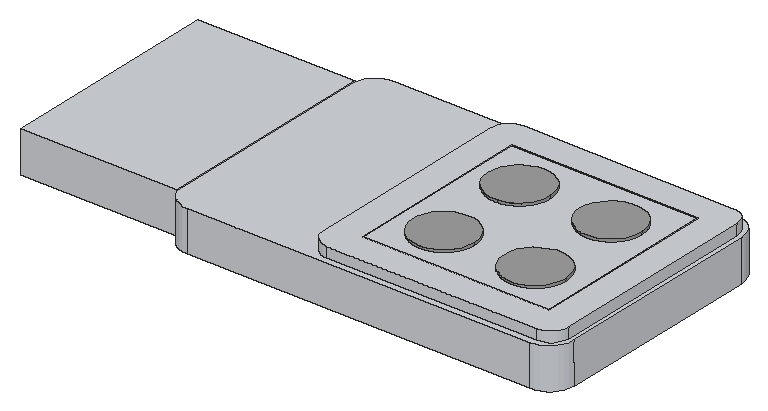
Revit family "Lighting-Industrial-GEWISS-SMART[4]HE_HIGHBAYS-LED_EMERGENCY_1M", category Apparecchi per illuminazione, Revit 2019 (continued)
Definition of nested family "Rappr_ bidimensionale_SMART4_4L EM_2"
  Lines and regions (mm)
    detail lines, in view "Livello rif.", not visible, detail levels fine
      curve 361: line (150.671, 26.571, 0) -> (161.243, 26.571, 0)
      curve 362: line (161.243, 1.611, 0) -> (150.671, 1.611, 0)
      curve 363: line (149.479, 2.803, 0) -> (149.479, 10.88, 0)
      curve 364: line (150.671, 12.071, 0) -> (161.243, 12.071, 0)
      curve 365: line (149.479, -11.697, 0) -> (149.479, -3.62, 0)
      curve 366: line (150.671, -2.429, 0) -> (161.243, -2.429, 0)
      curve 367: line (161.243, -12.889, 0) -> (150.671, -12.889, 0)
      curve 368: line (149.479, -26.197, 0) -> (149.479, -18.12, 0)
      curve 369: line (150.671, -16.929, 0) -> (161.247, -16.929, 0)
      curve 370: line (161.247, -27.389, 0) -> (150.671, -27.389, 0)
      curve 371: line (149.479, -40.697, 0) -> (149.479, -32.62, 0)
      curve 372: line (150.671, -31.429, 0) -> (161.247, -31.429, 0)
      curve 373: line (161.247, -41.889, 0) -> (150.671, -41.889, 0)
      curve 374: line (149.479, -55.197, 0) -> (149.479, -47.12, 0)
      curve 375: line (150.671, -45.929, 0) -> (161.247, -45.929, 0)
      curve 376: line (161.247, -56.389, 0) -> (150.671, -56.389, 0)
      curve 377: line (149.479, -69.697, 0) -> (149.479, -61.62, 0)
      curve 378: line (150.671, -60.429, 0) -> (161.247, -60.429, 0)
      curve 379: line (161.247, -70.889, 0) -> (150.671, -70.889, 0)
      curve 380: line (149.479, -84.197, 0) -> (149.479, -76.12, 0)
      curve 381: line (150.671, -74.929, 0) -> (161.247, -74.929, 0)
      curve 382: line (161.247, -85.389, 0) -> (150.671, -85.389, 0)
    detail lines, in view "Livello rif.", visible <- "5 LED"
      curve 383: circle (55.802, 1.404, 0) r 28.619 normal (0, 0, 1)
    detail lines, in view "Livello rif.", visible <- "4 LED"
      curve 384: circle (8.459, 48.062, 0) r 28.619 normal (0, 0, 1)
      curve 385: circle (102.459, -45.938, 0) r 28.619 normal (0, 0, 1)
      curve 386: circle (8.459, -45.938, 0) r 28.619 normal (0, 0, 1)
      curve 387: circle (102.459, 48.062, 0) r 28.619 normal (0, 0, 1)
    detail lines, in view "Livello rif."
      curve 388: line (-201.331, -106.996, 0) -> (-394.312, -106.996, 0)
      curve 389: line (-201.331, 106.996, 0) -> (-201.331, -106.996, 0)
      curve 390: line (-394.312, 106.996, 0) -> (-201.331, 106.996, 0)
      curve 391: line (-394.312, -106.996, 0) -> (-394.312, 106.996, 0)
Definition of nested family "ETICHETTA LIGHT"
  Parameters (values of type "ETICHETTA LIGHT")
    COMMENTI = "53W"
  Reference planes
    plane 1: y = 0
    plane 2: x = 0
  Text (mm)
    label "COMMENTI" at (-0.057, 0.105, 0), shows "COMMENTI"
Definition of nested family "PROIETTSMART "
  Reference planes
    plane 1 "Centro (Fronte/Retro)": y = 0
    plane 2: z = 0
    plane 3 "Centro (Sinistra/Destra)": x = 0
  Lines and regions (mm)
    model lines, in view "Livello rif."
      curve 1: line (120.593, -21.515, 0) -> (77.393, -0.008, 0)
      curve 2: line (77.393, -0.008, 0) -> (120.593, 21.758, 0)
      curve 3: line (120.593, 21.758, 0) -> (120.593, -21.515, 0)
      curve 4: line (77.393, 21.629, 0) -> (77.393, -21.645, 0)
      curve 5: line (77.393, -0.008, 0) -> (52.133, -0.008, 0)
      curve 6: line (120.593, 0.122, 0) -> (139.246, 0.122, 0)
      curve 7: line (162.162, 66.747, 0) -> (162.162, -66.747, 0)
      curve 8: line (162.162, -66.747, 0) -> (-97.838, -66.747, 0)
      curve 9: line (-97.838, -66.747, 0) -> (-97.838, 66.747, 0)
      curve 10: line (-97.838, 66.747, 0) -> (162.162, 66.747, 0)
      curve 11: line (45.772, 49.667, 0) -> (145.121, 49.667, 0)
      curve 12: line (145.121, 49.667, 0) -> (145.121, -49.683, 0)
      curve 13: line (145.121, -49.683, 0) -> (45.772, -49.683, 0)
      curve 14: line (45.772, -49.683, 0) -> (45.772, 49.667, 0)
Types (18, lengths in mm): name | Unified Glare Rating | Technical sheet | Optic : | Optic | Modello | Lumen output (lm) : | IDT | Efficiency (lm/W) | Descrizione | Colour temperature
  GWS4124AF830 - SMART4LB 1M EMERG 30° 30K | "UGR - 22" | "https://www.gewiss.com/ww/en/search?q=GWS4124AF830" | "Metallic PC reflector and PMMA lenses" | "30°" | "GWS4124AF830" | "6600 (810 Emerg.)" | "be493966ca7f4462a90a0dec3d538a8d" | "125" | "SMART[4]LB 1M EMERG 30° 30K" | "3000K"
  GWS4124AF840 - SMART4LB 1M EMERG 30° 40K | "UGR - 22" | "https://www.gewiss.com/ww/en/search?q=GWS4124AF840" | "Metallic PC reflector and PMMA lenses" | "30°" | "GWS4124AF840" | "7000 (850 Emerg.)" | "5f1ff95e72114f50881495fc0694481d" | "132" | "SMART[4]LB 1M EMERG 30° 40K" | "4000K"
  GWS4124AF857 - SMART4LB 1M EMERG 30° 57K | "UGR - 22" | "https://www.gewiss.com/ww/en/search?q=GWS4124AF857" | "Metallic PC reflector and PMMA lenses" | "30°" | "GWS4124AF857" | "7000 (850 Emerg.)" | "0e8181d1a68a4ca794b6a0e858ae3857" | "132" | "SMART[4]LB 1M EMERG 30° 57K" | "5700K"
  GWS4124AH830 - SMART4LB 1M EMERG 60° 30K | "UGR - 22" | "https://www.gewiss.com/ww/en/search?q=GWS4124AH830" | "Metallic PC reflector and PMMA lenses" | "60°" | "GWS4124AH830" | "6700 (810 Emerg.)" | "54ebdcb74ae440318ac48feecd36d76a" | "126" | "SMART[4]LB 1M EMERG 60° 30K" | "3000K"
  GWS4124AH840 - SMART4LB 1M EMERG 60° 40K | "UGR - 22" | "https://www.gewiss.com/ww/en/search?q=GWS4124AH840" | "Metallic PC reflector and PMMA lenses" | "60°" | "GWS4124AH840" | "7000 (850 Emerg.)" | "614c65e5e2b44fb083715acc21c5c34f" | "132" | "SMART[4]LB 1M EMERG 60° 40K" | "4000K"
  GWS4124AH857 - SMART4LB 1M EMERG 60° 57K | "UGR - 22" | "https://www.gewiss.com/ww/en/search?q=GWS4124AH857" | "Metallic PC reflector and PMMA lenses" | "60°" | "GWS4124AH857" | "7000 (850 Emerg.)" | "28ee9035e2fe4d268d0277638ca70a0c" | "132" | "SMART[4]LB 1M EMERG 60° 57K" | "5700K"
  GWS4124AP830 - SMART4LB 1M EMERG 90° 30K | "UGR - 25" | "https://www.gewiss.com/ww/en/search?q=GWS4124AP830" | "Metallic PC reflector and PMMA lenses" | "90°" | "GWS4124AP830" | "6800 (810 Emerg.)" | "da7b066e252b432daf66f2ff73ed9078" | "128" | "SMART[4]LB 1M EMERG 90° 30K" | "3000K"
  GWS4124AP840 - SMART4LB 1M EMERG 90° 40K | "UGR - 25" | "https://www.gewiss.com/ww/en/search?q=GWS4124AP840" | "Metallic PC reflector and PMMA lenses" | "90°" | "GWS4124AP840" | "7200 (850 Emerg.)" | "8acb5237e4dc4b0ea63c41f460c1553e" | "136" | "SMART[4]LB 1M EMERG 90° 40K" | "4000K"
  GWS4124AP857 - SMART4LB 1M EMERG 90° 57K | "UGR - 25" | "https://www.gewiss.com/ww/en/search?q=GWS4124AP857" | "Metallic PC reflector and PMMA lenses" | "90°" | "GWS4124AP857" | "7200 (850 Emerg.)" | "dbb1e2787da74a29aa85cd39b451480a" | "136" | "SMART[4]LB 1M EMERG 90° 57K" | "5700K"
  GWS4124AA830 - SMART4LB 1M EMERG ARR.30K | "-" | "https://www.gewiss.com/ww/en/search?q=GWS4124AA830" | "Metallized polycarbonate reflector" | "Array" | "GWS4124AA830" | "6700 (810 Emerg.)" | "1930eb876eb04997a6d49bc4881cca22" | "126" | "SMART[4]LB 1M EMERG ARR.30K" | "3000K"
  GWS4124AA840 - SMART4LB 1M EMERG ARR.40K | "-" | "https://www.gewiss.com/ww/en/search?q=GWS4124AA840" | "Metallized polycarbonate reflector" | "Array" | "GWS4124AA840" | "7100 (850 Emerg.)" | "50dce6d2c43e4d969f09685ce4a7aed2" | "134" | "SMART[4]LB 1M EMERG ARR.40K" | "4000K"
  GWS4124AA857 - SMART4LB 1M EMERG ARR.57K | "-" | "https://www.gewiss.com/ww/en/search?q=GWS4124AA857" | "Metallized polycarbonate reflector" | "Array" | "GWS4124AA857" | "7100 (850 Emerg.)" | "06bde70520e64d0eb4f29c283382ffe7" | "134" | "SMART[4]LB 1M EMERG ARR.57K" | "5700K"
  GWS4124AC830 - SMART4LB 1M EMERG ASI.30K | "-" | "https://www.gewiss.com/ww/en/search?q=GWS4124AC830" | "Metallic PC reflector and PMMA lenses" | "Asymmetrical" | "GWS4124AC830" | "6000 (710 Emerg.)" | "2fbf624b3a0f489f8964acc3b1894105" | "113" | "SMART[4]LB 1M EMERG ASI.30K" | "3000K"
  GWS4124AC840 - SMART4LB 1M EMERG ASI.40K | "-" | "https://www.gewiss.com/ww/en/search?q=GWS4124AC840" | "Metallic PC reflector and PMMA lenses" | "Asymmetrical" | "GWS4124AC840" | "6300 (750 Emerg.)" | "26da255d513c446fabb363757969a458" | "119" | "SMART[4]LB 1M EMERG ASI.40K" | "4000K"
  GWS4124AC857 - SMART4LB 1M EMERG ASI.57K | "-" | "https://www.gewiss.com/ww/en/search?q=GWS4124AC857" | "Metallic PC reflector and PMMA lenses" | "Asymmetrical" | "GWS4124AC857" | "6300 (750 Emerg.)" | "3231ca11b6524f64b1d66089a5ef67e7" | "119" | "SMART[4]LB 1M EMERG ASI.57K" | "5700K"
  GWS4124AQ830 - SMART4LB 1M EMERG ELL.30K | "-" | "https://www.gewiss.com/ww/en/search?q=GWS4124AQ830" | "Metallic PC reflector and PMMA lenses" | "Elliptical" | "GWS4124AQ830" | "6000 (710 Emerg.)" | "e89b934372d542aa9a896e87d65f1754" | "113" | "SMART[4]LB 1M EMERG ELL.30K" | "3000K"
  GWS4124AQ840 - SMART4LB 1M EMERG ELL.40K | "-" | "https://www.gewiss.com/ww/en/search?q=GWS4124AQ840" | "Metallic PC reflector and PMMA lenses" | "Elliptical" | "GWS4124AQ840" | "6300 (750 Emerg.)" | "73416617d9c74cf9ba72ca2df738524a" | "119" | "SMART[4]LB 1M EMERG ELL.40K" | "4000K"
  GWS4124AQ857 - SMART4LB 1M EMERG ELL.57K | "-" | "https://www.gewiss.com/ww/en/search?q=GWS4124AQ857" | "Metallic PC reflector and PMMA lenses" | "Elliptical" | "GWS4124AQ857" | "6300 (750 Emerg.)" | "99cc2ba6225c472dbcbc7a8f8b209142" | "119" | "SMART[4]LB 1M EMERG ELL.57K" | "5700K"
